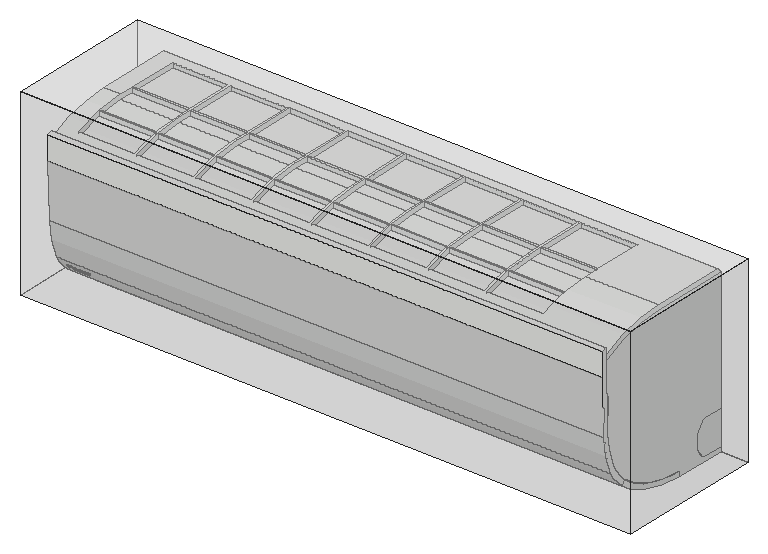
Revit family "outputfile", category 機械設備, Revit 2024 (continued)
Definition of nested family "DAIKIN_indoorunit_CTKP-VVMG"
  Automatic sketch dimensions
    Extrusion 22 sketch curve to level = 287.035 mm
    Extrusion 23 sketch curve to plane 1 "Center (Front/Back)" = 0.0 mm
    Extrusion 23 sketch curve to Extrusion 23 sketch curve = 20.0 mm  (x2)
    Extrusion 23 sketch curve to level = 287.035 mm
    plane 1 "Center (Front/Back)" to Extrusion 24 sketch curve = 0.0 mm  (x2)
    plane 3 "Center (Left/Right)" to Extrusion 24 sketch curve = 469.0 mm
    Extrusion 24 sketch curve to Extrusion 24 sketch curve = 20.0 mm  (x4)
    Extrusion 24 sketch curve to plane 3 "Center (Left/Right)" = 409.0 mm
  Nested families
    nested 1: "daikin_logo_plane_w40" at (-320, -198.871, -233.244) x (1, 0, 0) z (0, -0.7841, -0.6206), visible <- "switch_unit1_25-50", type "daikin_logo_plane_w40"
      with show_logo yes
    nested 2: "daikin_logo_plane_w40" at (-430, -237.74, -233.244) x (1, 0, 0) z (0, -0.7841, -0.6206), visible <- "switch_unit1_60", type "daikin_logo_plane_w40"
      with show_logo yes
  Definition of nested family "daikin_logo_plane_w40"
    Parameters (values of type "daikin_logo_plane_w40")
      width = 40.0 mm
      show_logo [instance] = yes
      material = none
      height = 0.0 mm
      depth = 0.0 mm
      Default Elevation = 1219.2 mm
    Reference planes
      plane 1 "Center (Front/Back)": y = 0
      plane 2: z = 0
      plane 3 "Center (Left/Right)": x = 0
      plane 4: z = 2
      plane 5 "left": x = -19
      plane 6: x = 19
    Forms (mm)
      Extrusion 1, solid, visible <- "show_logo"
        sketch origin (-19, 0, 0) x (1, 0, 0) y (0, 1, 0)
          loop
            line (8.902, -1.878) -> (7.789, -6.332) -> (11.13, -6.332)
            arc (11.13, -6.332) -> (12.454, -6.064) -> (13.472, -5.176) r 2.642
            arc (13.472, -5.176) -> (13.92, -4.02) -> (13.767, -2.79) r 2.537
            arc (13.767, -2.79) -> (13.452, -2.342) -> (12.982, -2.06) r 1.321
            arc (12.982, -2.06) -> (12.063, -1.902) -> (11.13, -1.878) r 6.479
            line (11.13, -1.878) -> (8.902, -1.878)
          loop
            line (10.016, -5.441) -> (10.907, -5.441)
            arc (10.907, -5.441) -> (11.591, -4.983) -> (11.988, -4.261) r 1.742
            spline (11.988, -4.261) -> (12.01, -4.155) -> (12.027, -4.03) -> (12.037, -3.893) -> (12.037, -3.747) -> (12.026, -3.598) -> (12.002, -3.451) -> (11.962, -3.31) -> (11.905, -3.181) -> (11.829, -3.069) -> (11.731, -2.978) -> (11.61, -2.913) -> (11.464, -2.88)
            line (11.464, -2.88) -> (10.573, -2.88) -> (10.016, -5.441)
          loop
            line (13.58, -6.332) -> (14.805, -6.332) -> (15.223, -5.553) -> (16.977, -5.553) -> (17.144, -6.332) -> (19.149, -6.332) -> (18.258, -1.878) -> (16.03, -1.878) -> (13.58, -6.332)
          loop
            line (16.476, -3.214) -> (15.76, -4.551) -> (16.762, -4.551) -> (16.476, -3.214)
          loop
            line (19.705, -6.332) -> (21.599, -6.332) -> (22.712, -1.878) -> (20.819, -1.878) -> (19.705, -6.332)
          loop
            line (22.712, -6.332) -> (24.606, -6.332) -> (24.908, -5.122) -> (25.831, -6.332) -> (28.17, -6.332) -> (26.388, -3.994) -> (28.949, -1.878) -> (26.945, -1.878) -> (25.401, -3.153) -> (25.719, -1.878) -> (23.826, -1.878) -> (22.712, -6.332)
          loop
            line (29.84, -1.878) -> (28.615, -6.332) -> (30.62, -6.332) -> (31.734, -1.878) -> (29.84, -1.878)
          loop
            line (31.734, -6.332) -> (33.07, -6.332) -> (33.7, -3.814) -> (34.518, -6.332) -> (36.745, -6.332) -> (37.859, -1.878) -> (36.523, -1.878) -> (35.845, -4.589) -> (34.963, -1.878) -> (32.847, -1.878) -> (31.734, -6.332)
        from 0 to 2
      Extrusion 2, solid, visible <- "show_logo"
        sketch origin (-19, 0, 0) x (1, 0, 0) y (0, 1, 0)
          loop
            line (8.7, 0) -> (4.235, 0) -> (0, -3.879) -> (0, -8) -> (8.7, 0)
        from 0 to 2
      Extrusion 3, solid, visible <- "show_logo"
        sketch origin (-19, 0, 0) x (1, 0, 0) y (0, 1, 0)
          loop
            line (0, 0) -> (0, -3.879) -> (4.235, 0) -> (0, 0)
        from 0 to 2
    Dimensions and locks
      plane 4 to plane 2 = 2.0 mm
      equal spacing: plane 5 "left", plane 3 "Center (Left/Right)", plane 6
      locked: plane 5 "left" to plane 6 at 38
      aligned and locked: level to plane 2
      aligned and locked: Extrusion 3 to plane 1 "Center (Front/Back)"  (x2)
      aligned and locked: Extrusion 2 to plane 1 "Center (Front/Back)"  (x2)
      aligned and locked: plane 4 to Extrusion 1
      aligned and locked: plane 4 to Extrusion 3
      aligned and locked: plane 4 to Extrusion 2
      aligned and locked: Extrusion 3 to plane 5 "left"
      aligned and locked: Extrusion 2 to plane 5 "left"
    Automatic sketch dimensions
      Extrusion 1 sketch curve to Extrusion 1 sketch curve = 0.901 mm
      Extrusion 1 sketch curve to Extrusion 1 sketch curve = 1.559 mm
      Extrusion 1 sketch curve to Extrusion 1 sketch curve = 1.327 mm
      Extrusion 1 sketch curve to Extrusion 1 sketch curve = 2.145 mm
      Extrusion 1 sketch curve to Extrusion 1 sketch curve = 1.448 mm
      Extrusion 1 sketch curve to Extrusion 1 sketch curve = 2.116 mm
      Extrusion 1 sketch curve to Extrusion 1 sketch curve = 1.114 mm  (x4)
      Extrusion 1 sketch curve to Extrusion 1 sketch curve = 1.336 mm  (x2)
      plane 1 "Center (Front/Back)" to Extrusion 1 sketch curve = 1.878 mm  (x5)
      Extrusion 1 sketch curve to Extrusion 1 sketch curve = 1.893 mm  (x5)
      Extrusion 1 sketch curve to Extrusion 1 sketch curve = 0.891 mm  (x4)
      Extrusion 1 sketch curve to Extrusion 1 sketch curve = 2.005 mm  (x3)
      Extrusion 1 sketch curve to Extrusion 1 sketch curve = 0.445 mm  (x2)
      plane 1 "Center (Front/Back)" to Extrusion 1 sketch curve = 3.994 mm
      Extrusion 1 sketch curve to Extrusion 1 sketch curve = 0.557 mm  (x2)
      Extrusion 1 sketch curve to Extrusion 1 sketch curve = 2.339 mm  (x2)
      Extrusion 1 sketch curve to Extrusion 1 sketch curve = 1.225 mm  (x3)
      plane 1 "Center (Front/Back)" to Extrusion 1 sketch curve = 3.153 mm
      Extrusion 1 sketch curve to Extrusion 1 sketch curve = 0.987 mm
      plane 1 "Center (Front/Back)" to Extrusion 1 sketch curve = 5.122 mm
      Extrusion 1 sketch curve to Extrusion 1 sketch curve = 0.922 mm
      plane 1 "Center (Front/Back)" to Extrusion 1 sketch curve = 6.332 mm
      Extrusion 1 sketch curve to Extrusion 1 sketch curve = 2.562 mm
      plane 1 "Center (Front/Back)" to Extrusion 1 sketch curve = 5.553 mm
      Extrusion 1 sketch curve to Extrusion 1 sketch curve = 0.167 mm
      Extrusion 1 sketch curve to Extrusion 1 sketch curve = 0.215 mm
      plane 1 "Center (Front/Back)" to Extrusion 1 sketch curve = 3.214 mm
      Extrusion 1 sketch curve to Extrusion 1 sketch curve = 0.286 mm
      plane 1 "Center (Front/Back)" to Extrusion 1 sketch curve = 4.551 mm
      Extrusion 1 sketch curve to Extrusion 1 sketch curve = 1.002 mm
      Extrusion 1 sketch curve to Extrusion 1 sketch curve = 0.537 mm
      Extrusion 1 sketch curve to Extrusion 1 sketch curve = 0.418 mm
      Extrusion 1 sketch curve to Extrusion 1 sketch curve = 1.028 mm
      plane 1 "Center (Front/Back)" to Extrusion 1 sketch curve = 4.261 mm
      Extrusion 1 sketch curve to Extrusion 1 sketch curve = 0.563 mm
      plane 1 "Center (Front/Back)" to Extrusion 1 sketch curve = 2.88 mm
      Extrusion 1 sketch curve to Extrusion 1 sketch curve = 1.088 mm
      Extrusion 1 sketch curve to Extrusion 1 sketch curve = 2.152 mm
      Extrusion 1 sketch curve to Extrusion 1 sketch curve = 0.586 mm
      Extrusion 1 sketch curve to Extrusion 1 sketch curve = 0.118 mm
      Extrusion 1 sketch curve to Extrusion 1 sketch curve = 0.298 mm
      Extrusion 1 sketch curve to Extrusion 1 sketch curve = 0.334 mm
      Extrusion 1 sketch curve to Extrusion 1 sketch curve = 0.223 mm
      Extrusion 1 sketch curve to Extrusion 1 sketch curve = 0.266 mm
      Extrusion 1 sketch curve to Extrusion 1 sketch curve = 1.671 mm
      Extrusion 1 sketch curve to Extrusion 1 sketch curve = 2.227 mm
      Extrusion 1 sketch curve to Extrusion 1 sketch curve = 0.0 mm  (x7)
      Extrusion 1 sketch curve to Extrusion 1 sketch curve = 3.453 mm
      Extrusion 1 sketch curve to Extrusion 1 sketch curve = 2.017 mm
      Extrusion 1 sketch curve to Extrusion 1 sketch curve = 0.78 mm  (x2)
      Extrusion 1 sketch curve to Extrusion 1 sketch curve = 1.743 mm
      Extrusion 1 sketch curve to Extrusion 1 sketch curve = 0.775 mm
      Extrusion 1 sketch curve to Extrusion 1 sketch curve = 0.552 mm
      Extrusion 1 sketch curve to Extrusion 1 sketch curve = 0.014 mm
      Extrusion 1 sketch curve to Extrusion 1 sketch curve = 0.952 mm
      Extrusion 1 sketch curve to Extrusion 1 sketch curve = 1.215 mm
      Extrusion 1 sketch curve to Extrusion 1 sketch curve = 0.108 mm
      plane 1 "Center (Front/Back)" to Extrusion 2 sketch curve = 0.0 mm
      Extrusion 2 sketch curve to plane 3 "Center (Left/Right)" = 19.0 mm
      Extrusion 2 sketch curve to plane 3 "Center (Left/Right)" = 14.765 mm
      Extrusion 2 sketch curve to Extrusion 2 sketch curve = 4.465 mm
      plane 1 "Center (Front/Back)" to Extrusion 2 sketch curve = 3.879 mm
      Extrusion 2 sketch curve to Extrusion 2 sketch curve = 4.12 mm
      plane 1 "Center (Front/Back)" to Extrusion 3 sketch curve = 0.0 mm
      Extrusion 3 sketch curve to plane 3 "Center (Left/Right)" = 19.0 mm
      Extrusion 3 sketch curve to plane 3 "Center (Left/Right)" = 14.765 mm
      plane 1 "Center (Front/Back)" to Extrusion 3 sketch curve = 3.879 mm
      Extrusion 1 sketch curve to plane 3 "Center (Left/Right)" = 11.211 mm
      Extrusion 1 sketch curve to Extrusion 1 sketch curve = 1.782 mm
Definition of nested family "daikin_connector_rotate3"
  Parameters (values of type "daikin_connector_rotate3")
    show [instance] = yes
    radius [instance] = 10.0 mm
    length [instance] = 600.0 mm
    angle_horizontal [instance] = 60.00°
    angle_vertical [instance] = 90.00°
    Default Elevation = 1219.2 mm
  Reference planes
    plane 1 "Center (Front/Back)": y = 0
    plane 2: z = 0
    plane 3 "Center (Left/Right)": x = 0
  Dimensions and locks
    "angle_horizontal": angle plane 3 "Center (Left/Right)" to nested 1
    aligned and locked: level to plane 2
    aligned and locked: plane 1 "Center (Front/Back)" to nested 1  (x2)
    aligned and locked: plane 3 "Center (Left/Right)" to nested 1
  Nested families
    nested 1: "daikin_connector_rotate2" at (0, 0, 0) x (0.5, 0.866, 0) z (0, 0, 1), angle_vertical <- "angle_vertical", length <- "length", radius <- "radius", type "daikin_connector_rotate2"
      with radius 10.0 mm, length 600.0 mm, angle_vertical 90.00°
  Definition of nested family "daikin_connector_rotate2"
    Parameters (values of type "daikin_connector_rotate2")
      show_face = yes
      radius [instance] = 10.0 mm
      length [instance] = 600.0 mm
      d_surface = 10.0 mm
      angle_vertical [instance] = 90.00°
      Default Elevation = 0.0 mm
    Reference planes
      plane 1 "Center (Front/Back)": y = 0
      plane 2: z = 0
      plane 3 "Center (Left/Right)": x = 0
    Forms (mm)
      Extrusion 1, solid, visible <- "show_face"
        sketch origin (0, -600, 0) x (1, 0, 0) y (0, 0, 1)
          loop
            circle (0, 0) r 10
        from 0 to -10
    Lines and regions (mm)
      reference lines
        curve 1: line (0, 0, 0) -> (0, -600, 0)
      symbolic lines
        curve 2: circle (0, 0, 0) r 5 normal (0, 0, 1)
      model lines, visible <- "show_face"
        curve 3: line (0, 0, 0) -> (0, -600, 0)
    Dimensions and locks
      "length": curve 1 to curve 1
      "length": curve 3 to curve 3
      "d_surface": Extrusion 1 to Extrusion 1
      "radius": radius of Extrusion 1 sketch curve
      "angle_vertical": angle curve 1 to plane 1 "Center (Front/Back)"
      "angle_vertical": angle curve 3 to plane 1 "Center (Front/Back)"
      aligned and locked: level to plane 2
      aligned and locked: plane 1 "Center (Front/Back)" to curve 1
      aligned and locked: plane 2 to curve 1
      aligned and locked: plane 1 "Center (Front/Back)" to curve 2
      aligned and locked: plane 3 "Center (Left/Right)" to curve 2
      aligned and locked: plane 1 "Center (Front/Back)" to curve 3
      aligned and locked: plane 2 to curve 3
      aligned and locked: Extrusion 1 to Extrusion 1
    Automatic sketch dimensions
      Extrusion 1 sketch curve to level = 0.0 mm
      Extrusion 1 sketch curve to plane 3 "Center (Left/Right)" = 0.0 mm
      radius of curve 2 = 5.0 mm
